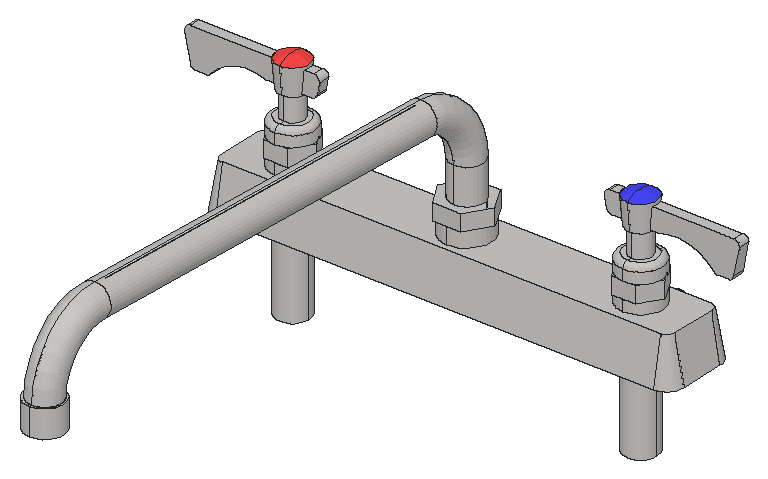
Revit family "Krowne_15-512L_DeckMount_Faucet", category Plumbing Fixtures, Revit 2018
Family settings
  Round Connector Dimension = Use Diameter
  Part Type = Normal
  OmniClass Number = 23.40.40.00
  OmniClass Title = Food Service Equipment and Furnishings
  Work Plane-Based = No
  Always vertical = Yes
  Cut with Voids When Loaded = No
  Shared = No
  Room Calculation Point = No
Parameters (values of type "DefaultType")
  Width = 12 3/4"
  Weight in Pounds = 5
  Watermarked By = ""
  Waste Water Discharge Temperature [instance] = -459.67 °F
  URL Cutsheet = ""
  URL = "https://krowne.com/"
  Status [instance] = ""
  Specification by User [instance] = ""
  Specification by Manufacturer [instance] = ""
  Serial Number [instance] = ""
  Revision Code [instance] = ""
  Plumbing Remarks [instance] = ""
  Plumbing Connection Type = ""
  NAFEM Spec ID Number [instance] = ""
  Model = "15-512L"
  Masterspec [instance] = ""
  Manufacturer = "Krowne Metal"
  KCLRef = "KCL2C9,,0004c595-0000-0000-0000-000000000307,KR,15-512L ,637110199260000000,a71a413d-7c61-4248-a7d9-b375b048191a,7ce22be4-5501-4880-8cbe-bf50f73d935a"
  KCL SpecSheet URL = "http://kclweb.kclcad.com/imagehandler.ashx?kdoc=15-5xxl&R=KR&M=15-512L%20&VC=7&TID=KCLWeb&T=doc"
  Item Number [instance] = "-"
  Installed By [instance] = ""
  Hot Water Temperature = 100 °F
  Hot Water Size = 1/2"
  Hot Water RI Height [instance] = 0"
  Hot Water Minimum Pressure = 0.00 psi
  Hot Water Maximum Pressure = 0.00 psi
  Hot Water Flow = 1.8 GPM
  Hot Water Consumption = 0 GPM
  Hot Water Connection Height = 0"
  Height = 3 3/8"
  Furnished By [instance] = ""
  Foodservice Equipment Identifier = yes
  Description = "Deck Mount Faucet"
  Depth = 1 7/8"
  Cold Water Temperature Recommended = -459.67 °F
  Cold Water Size = 1/2"
  Cold Water RI Height [instance] = 0"
  Cold Water Minimum Pressure = 0.00 psi
  Cold Water Maximum Pressure = 0.00 psi
  Cold Water Flow = 1.8 GPM
  Cold Water Consumption = ""
  Cold Water Connection Height = 0"
  CSI MasterFormat = ""
  Assembly Code = "E1090300"
Reference planes (in)
  plane 1 "BACK": y = 0
  plane 2: z = 0
  plane 3 "LEFT": x = -18.94073
  plane 4 "RIGHT": x = -6.19073
  plane 5 "FRONT": y = -1.875
  plane 6 "TOP": z = 3.375
  plane 7 "CENTER L/R": x = -12.56573
  plane 8 "Top of Body": z = 1.0625
  plane 9: y = -0.9375
  plane 10: z = 2.375
  plane 11: y = -13.0625
  plane 12: z = 4.75
Forms (in)
  Sweep 1, solid, material "QF_Stainless-Polished"
    path origin (-12.56573, 0, 0) x (0, 1, 0) y (0, 0, 1)
      loop
        line (-0.9375, 1.0625) -> (-0.9375, 2.61836)
        arc (-0.9375, 2.61836) -> (-1.32099, 3.57101) -> (-2.25754, 3.99227) r 1.375
        line (-2.25754, 3.99227) -> (-11.63254, 4.36727)
        arc (-11.63254, 4.36727) -> (-12.64014, 3.98488) -> (-13.0625, 2.99336) r 1.375
        line (-13.0625, 2.99336) -> (-13.0625, 2.375)
    profile origin (-12.56573, -0.9375, 1.84043) x (0, -1, 0) y (1, 0, 0)
      loop
        circle (0, 0) r 0.375
      loop
        circle (0, 0) r 0.25
  Extrusion 2, solid, material "QF_Stainless-Polished"
    sketch origin (0, 0, 1.0625) x (0, 1, 0) y (-1, 0, 0)
      loop
        circle (-0.9375, 12.56573) r 0.375
      loop
        circle (-0.9375, 12.56573) r 0.4375
    from 0 to 0.625
  Extrusion 3, solid, material "QF_Stainless-Polished"
    sketch origin (0, 0, 1.0625) x (0, 1, 0) y (-1, 0, 0)
      loop
        circle (-0.9375, 12.56573) r 0.5625
      loop
        circle (-0.9375, 12.56573) r 0.375
    from 0 to 0.375
  Extrusion 4, solid, material "QF_Stainless-Polished"
    sketch origin (0, 0, 1.4375) x (0, 1, 0) y (-1, 0, 0)
      loop
        line (-0.9375, 11.91391) -> (-0.37301, 12.23982) -> (-0.37301, 12.89163) -> (-0.9375, 13.21754) -> (-1.50199, 12.89163) -> (-1.50199, 12.23982) -> (-0.9375, 11.91391)
      loop
        circle (-0.9375, 12.56573) r 0.375
    from 0 to 0.375
  Extrusion 5, solid, material "QF_Stainless-Polished"
    sketch origin (-12.56573, -13.0625, 2.375) x (0, -1, 0) y (-1, 0, 0)
      loop
        circle (0, 0) r 0.375
      loop
        circle (0, 0) r 0.4375
    from 0 to -0.625
Lines and regions (in)
  symbolic lines
    curve 1: line (-12.23982, -0.37301, 0) -> (-12.89163, -0.37301, 0)
    curve 2: line (-12.89163, -0.37301, 0) -> (-13.21754, -0.9375, 0)
    curve 3: line (-13.21754, -0.9375, 0) -> (-12.94073, -1.41696, 0)
    curve 4: line (-12.19073, -1.41696, 0) -> (-11.91391, -0.9375, 0)
    curve 5: line (-11.91391, -0.9375, 0) -> (-12.23982, -0.37301, 0)
    curve 6: arc (-12.56573, -1.3125, 0) -> (-12.94073, -0.9375, 0) -> (-12.56573, -0.5625, 0) r 0.375
    curve 7: arc (-12.56573, -0.5625, 0) -> (-12.19073, -0.9375, 0) -> (-12.56573, -1.3125, 0) r 0.375
    curve 8: arc (-12.94073, -13.0625, 0) -> (-12.83089, -13.32767, 0) -> (-12.56573, -13.4375, 0) r 0.375
    curve 9: arc (-12.56573, -13.4375, 0) -> (-12.30056, -13.32767, 0) -> (-12.19073, -13.0625, 0) r 0.375
    curve 10: line (-12.94073, -13.0625, 0) -> (-12.94073, -0.9375, 0)
    curve 11: line (-12.19073, -0.9375, 0) -> (-12.19073, -13.0625, 0)
Dimensions and locks (in)
  "Width": plane 3 "LEFT" to plane 4 "RIGHT"
  "Depth": plane 5 "FRONT" to plane 1 "BACK"
  "Height": plane 6 "TOP" to plane 2
  plane 8 "Top of Body" to level = 1 1/16"
  equal spacing: plane 5 "FRONT", plane 9, plane 1 "BACK"
  equal spacing: plane 3 "LEFT", plane 7 "CENTER L/R", plane 4 "RIGHT"
  plane 10 to plane 8 "Top of Body" = 1 5/16"
  plane 11 to plane 1 "BACK" = 13 1/16"
  plane 12 to plane 8 "Top of Body" = 3 11/16"
  aligned and locked: level to plane 2
  aligned and locked: plane 9 to Sweep 1 sketch curve
  aligned and locked: Sweep 1 sketch curve to plane 11
  aligned and locked: plane 10 to Sweep 1 sketch curve
Automatic sketch dimensions
  Sweep 1 sketch curve to Sweep 1 sketch curve = 0"  (x2)
  Sweep 1 sketch curve to plane 7 "CENTER L/R" = 0"
  Sweep 1 sketch curve to profile plane = 0"
  Extrusion 2 sketch curve to Extrusion 2 sketch curve = 0"  (x2)
  Extrusion 2 sketch curve to plane 7 "CENTER L/R" = 0"
  plane 9 to Extrusion 2 sketch curve = 0"
  Extrusion 4 sketch curve to Extrusion 4 sketch curve = 0"  (x2)
  Extrusion 4 sketch curve to Extrusion 4 sketch curve = 0.56449"  (x2)
  Extrusion 4 sketch curve to Extrusion 4 sketch curve = 0.32591"  (x5)
  Extrusion 4 sketch curve to Extrusion 4 sketch curve = 0.65182"
  curve 8 to curve 9 = 0"
  plane 9 to curve 2 = 0"
  plane 11 to curve 10 = 0"
  plane 9 to curve 10 = 0"
  curve 6 to plane 7 "CENTER L/R" = 0"
  plane 9 to curve 11 = 0"
  plane 9 to curve 4 = 0"
  plane 9 to curve 6 = 0"
  curve 1 to plane 7 "CENTER L/R" = 0.32591"
  curve 10 to curve 8 = 3/8"
  curve 3 to curve 10 = 0.27682"
  plane 7 "CENTER L/R" to curve 5 = 0.32591"
  curve 11 to curve 4 = 0.27682"
  plane 1 "BACK" to curve 1 = 0.37301"
  curve 3 to curve 6 = 0.10446"
  curve 4 to curve 6 = 0.10446"
  Extrusion 3 sketch curve to Extrusion 3 sketch curve = 0"  (x2)
  Extrusion 3 sketch curve to plane 7 "CENTER L/R" = 0"
  plane 9 to Extrusion 3 sketch curve = 0"
  Sweep 1 sketch curve to plane 8 "Top of Body" = 0"
  Sweep 1 sketch curve to plane 6 "TOP" = 0.38164"
  Sweep 1 sketch curve to plane 12 = 0.38273"
  Sweep 1 sketch curve to Sweep 1 sketch curve = 0.05496"
  plane 5 "FRONT" to Sweep 1 sketch curve = 7/16"
  plane 5 "FRONT" to Sweep 1 sketch curve = 0.38254"
  plane 10 to Sweep 1 sketch curve = 0.24336"
  radius of Sweep 1 sketch curve = 3/8"
  radius of Sweep 1 sketch curve = 1/4"
  radius of Extrusion 2 sketch curve = 3/8"
  radius of Extrusion 2 sketch curve = 7/16"
  radius of Extrusion 4 sketch curve to Extrusion 3 = 0"
  radius of Extrusion 5 sketch curve to Sweep 1 = 0"
  radius of Sweep 1 to Extrusion 5 sketch curve = 1/16"
  radius of Extrusion 3 sketch curve = 9/16"
  radius of Extrusion 3 sketch curve = 3/8"
Nested families (in)
  nested 1: "QF_Krowne_15-5_Body" at (-0.1875, -0.03125, 0), type "QF_Krowne_15-5_Body"
Connectors (in)
  piping at (-16.56573, 0.21875, 0.53125), diameter 0.5, driven by "Hot Water Flow", driven by "Hot Water Size"
    settings: on nested 1, index 1, connector inside diameter 24", connector length 0", flow factor 0, pipe flow 1.8 GPM, pressure drop 0.00 psi, fitting loss kfactor 0, connector angle 0.00°, fixture units 0, engagement length 0", angle of deflection 0.00°, flow configuration 1, flow direction 1, fitting loss method 0, system type 19, joint type 0, gender type 0, connector reference index -1, connector utility 0, adjustable connector no, is connector primary yes, connector description "HOT WATER"
  piping at (-8.56573, 0.21875, 0.53125), diameter 0.5, driven by "Cold Water Flow", driven by "Cold Water Size"
    settings: on nested 1, index 2, connector inside diameter 24", connector length 0", flow factor 0, pipe flow 1.8 GPM, pressure drop 0.00 psi, fitting loss kfactor 0, connector angle 0.00°, fixture units 0, engagement length 0", angle of deflection 0.00°, flow configuration 1, flow direction 1, fitting loss method 0, system type 20, joint type 0, gender type 0, connector reference index -1, connector utility 0, adjustable connector no, is connector primary no, connector description "COLD WATER"
Definition of nested family "QF_Krowne_15-5_Body"
  Parameters (values of type "QF_Krowne_15-5_Body")
    Width = 12 3/4"
    Watermarked By = ""
    Height = 3 7/8"
    Description = ""
    Depth = 1 13/16"
  Reference planes (in)
    plane 1 "BACK": y = 0
    plane 2: z = 0
    plane 3 "LEFT": x = -18.75323
    plane 4 "RIGHT": x = -6.00323
    plane 5 "TOP": z = 3.1875
    plane 6 "Center": x = -12.37823
    plane 7 "Left of Handle": x = -16.37823
    plane 8 "Right of Handle": x = -8.37823
    plane 9 "Top of Body": z = 1.0625
    plane 10 "FRONT": y = -1.8125
    plane 11: x = -17.78448
    plane 12: x = -6.97198
    plane 13 "Faucet Handle Center": y = -0.90625
    plane 14: y = -0.78125
    plane 15: y = -1.03125
    plane 16: z = 0.53125
    plane 17: z = 3.375
  Forms (in)
    Blend 1, solid
      base sketch origin (0, 0, 0) x (1, 0, 0) y (0, 1, 0)
        loop
          line (-17.40948, -1.8125) -> (-7.34698, -1.8125)
          arc (-7.34698, -1.8125) -> (-7.08181, -1.70267) -> (-6.97198, -1.4375) r 0.375
          line (-6.97198, -1.4375) -> (-6.97198, -0.375)
          arc (-6.97198, -0.375) -> (-7.08181, -0.10983) -> (-7.34698, 0) r 0.375
          line (-7.34698, 0) -> (-17.40948, 0)
          arc (-17.40948, 0) -> (-17.67464, -0.10983) -> (-17.78448, -0.375) r 0.375
          line (-17.78448, -0.375) -> (-17.78448, -1.4375)
          arc (-17.78448, -1.4375) -> (-17.67464, -1.70267) -> (-17.40948, -1.8125) r 0.375
      top sketch origin (0, 0, 0) x (1, 0, 0) y (0, 1, 0)
        loop
          arc (-17.59698, -1.4375) -> (-17.54206, -1.57008) -> (-17.40948, -1.625) r 0.1875
          line (-17.40948, -1.625) -> (-7.34698, -1.625)
          arc (-7.34698, -1.625) -> (-7.21439, -1.57008) -> (-7.15948, -1.4375) r 0.1875
          line (-7.15948, -1.4375) -> (-7.15948, -0.375)
          arc (-7.15948, -0.375) -> (-7.21439, -0.24242) -> (-7.34698, -0.1875) r 0.1875
          line (-7.34698, -0.1875) -> (-17.40948, -0.1875)
          arc (-17.40948, -0.1875) -> (-17.54206, -0.24242) -> (-17.59698, -0.375) r 0.1875
          line (-17.59698, -0.375) -> (-17.59698, -1.4375)
      from 0 to 1.0625
    Extrusion 2, solid
      sketch origin (0, 0, 1.0625) x (0, 1, 0) y (-1, 0, 0)
        loop
          circle (-0.90625, 16.37823) r 0.5
        loop
          circle (-0.90625, 8.37823) r 0.5
      from 0 to 0.25
    Extrusion 3, solid
      sketch origin (0, 0, 1.3125) x (0, 1, 0) y (-1, 0, 0)
        loop
          line (-0.90625, 15.81573) -> (-0.41911, 16.09698) -> (-0.41911, 16.65948) -> (-0.90625, 16.94073) -> (-1.39339, 16.65948) -> (-1.39339, 16.09698) -> (-0.90625, 15.81573)
        loop
          line (-0.90625, 7.81573) -> (-0.41911, 8.09698) -> (-0.41911, 8.65948) -> (-0.90625, 8.94073) -> (-1.39339, 8.65948) -> (-1.39339, 8.09698) -> (-0.90625, 7.81573)
      from 0 to 0.375
    Revolve 4, solid
      sketch origin (-16.37823, 0, 0) x (0, 1, 0) y (0, 0, 1)
        loop
          line (-0.90625, 1.6875) -> (-0.40625, 1.6875) -> (-0.40625, 1.9375)
          arc (-0.40625, 1.9375) -> (-0.44286, 2.02589) -> (-0.53125, 2.0625) r 0.125
          line (-0.53125, 2.0625) -> (-0.90625, 2.0625) -> (-0.90625, 1.6875)
        axis (-0.90625, 1.6875) -> (-0.90625, 2.0625)
      angle from 0 to 360
    Revolve 5, solid
      sketch origin (-8.37823, 0, 0) x (0, 1, 0) y (0, 0, 1)
        loop
          line (-0.90625, 1.6875) -> (-0.40625, 1.6875) -> (-0.40625, 1.9375)
          arc (-0.40625, 1.9375) -> (-0.44286, 2.02589) -> (-0.53125, 2.0625) r 0.125
          line (-0.53125, 2.0625) -> (-0.90625, 2.0625) -> (-0.90625, 1.6875)
        axis (-0.90625, 1.6875) -> (-0.90625, 2.0625)
      angle from 0 to 360
    Revolve 6, solid
      sketch origin (-8.37823, 0, 0) x (0, 1, 0) y (0, 0, 1)
        loop
          line (-0.90625, 2.0625) -> (-0.65625, 2.0625) -> (-0.65625, 2.625) -> (-0.90625, 2.625) -> (-0.90625, 2.0625)
        axis (-0.90625, 2.0625) -> (-0.90625, 2.625)
      angle from 0 to 360
    Revolve 7, solid
      sketch origin (-16.37823, 0, 0) x (0, 1, 0) y (0, 0, 1)
        loop
          line (-0.90625, 2.0625) -> (-0.65625, 2.0625) -> (-0.65625, 2.625) -> (-0.90625, 2.625) -> (-0.90625, 2.0625)
        axis (-0.90625, 2.0625) -> (-0.90625, 2.625)
      angle from 0 to 360
    Revolve 8, solid
      sketch origin (-16.37823, 0, 0) x (0, 1, 0) y (0, 0, 1)
        loop
          line (-0.90625, 2.625) -> (-0.59375, 2.625) -> (-0.53125, 3.25) -> (-0.90625, 3.25) -> (-0.90625, 2.625)
        axis (-0.90625, 2.625) -> (-0.90625, 3.25)
      angle from 0 to 360
    Revolve 9, solid
      sketch origin (-8.37823, 0, 0) x (0, 1, 0) y (0, 0, 1)
        loop
          line (-0.90625, 2.625) -> (-0.59375, 2.625) -> (-0.53125, 3.25) -> (-0.90625, 3.25) -> (-0.90625, 2.625)
        axis (-0.90625, 2.625) -> (-0.90625, 3.25)
      angle from 0 to 360
    Revolve 10, solid
      sketch origin (-16.37823, 0, 0) x (0, 1, 0) y (0, 0, 1)
        loop
          line (-0.90625, 3.25) -> (-0.53125, 3.25)
          arc (-0.53125, 3.25) -> (-0.70704, 3.34763) -> (-0.90625, 3.375) r 0.54601
          line (-0.90625, 3.375) -> (-0.90625, 3.25)
        axis (-0.90625, 3.25) -> (-0.90625, 3.375)
      angle from 0 to 360
    Revolve 11, solid
      sketch origin (-8.37823, 0, 0) x (0, 1, 0) y (0, 0, 1)
        loop
          line (-0.90625, 3.25) -> (-0.53125, 3.25)
          arc (-0.53125, 3.25) -> (-0.70704, 3.34763) -> (-0.90625, 3.375) r 0.54601
          line (-0.90625, 3.375) -> (-0.90625, 3.25)
        axis (-0.90625, 3.25) -> (-0.90625, 3.375)
      angle from 0 to 360
    Extrusion 12, solid
      sketch origin (0, 0, 0) x (1, 0, 0) y (0, 0, 1)
        loop
          circle (-16.37823, 0.53125) r 0.25
        loop
          circle (-8.37823, 0.53125) r 0.25
      from 0.21074 to -0.25
    Extrusion 13, solid
      sketch origin (0, -0.90625, 0) x (1, 0, 0) y (0, 0, 1)
        loop
          arc (-18.62823, 3.1875) -> (-18.72489, 3.14175) -> (-18.7508, 3.03799) r 0.125
          line (-18.7508, 3.03799) -> (-18.62581, 2.41303)
          arc (-18.62581, 2.41303) -> (-18.58249, 2.34087) -> (-18.50324, 2.31254) r 0.125
          line (-18.50324, 2.31254) -> (-18.25335, 2.31254)
          arc (-18.25335, 2.31254) -> (-18.20057, 2.32423) -> (-18.15766, 2.35712) r 0.125
          arc (-18.15766, 2.35712) -> (-17.58494, 2.72229) -> (-16.90628, 2.69449) r 1.13354
          arc (-16.90628, 2.69449) -> (-16.88545, 2.68898) -> (-16.86398, 2.68712) r 0.125
          line (-16.86398, 2.68712) -> (-15.83077, 2.68712)
          arc (-15.83077, 2.68712) -> (-15.75152, 2.71545) -> (-15.7082, 2.78761) r 0.125
          line (-15.7082, 2.78761) -> (-15.65813, 3.03799)
          arc (-15.65813, 3.03799) -> (-15.68403, 3.14175) -> (-15.7807, 3.1875) r 0.125
          line (-15.7807, 3.1875) -> (-18.62823, 3.1875)
        loop
          line (-6.12823, 3.1875) -> (-8.97575, 3.1875)
          arc (-8.97575, 3.1875) -> (-9.07242, 3.14175) -> (-9.09832, 3.03799) r 0.125
          line (-9.09832, 3.03799) -> (-9.04825, 2.78761)
          arc (-9.04825, 2.78761) -> (-9.00493, 2.71545) -> (-8.92568, 2.68712) r 0.125
          line (-8.92568, 2.68712) -> (-7.89247, 2.68712)
          arc (-7.89247, 2.68712) -> (-7.871, 2.68898) -> (-7.85017, 2.69449) r 0.125
          arc (-7.85017, 2.69449) -> (-7.17151, 2.72229) -> (-6.59879, 2.35712) r 1.13354
          arc (-6.59879, 2.35712) -> (-6.55588, 2.32423) -> (-6.5031, 2.31254) r 0.125
          line (-6.5031, 2.31254) -> (-6.25321, 2.31254)
          arc (-6.25321, 2.31254) -> (-6.17396, 2.34087) -> (-6.13064, 2.41303) r 0.125
          line (-6.13064, 2.41303) -> (-6.00565, 3.03799)
          arc (-6.00565, 3.03799) -> (-6.03156, 3.14175) -> (-6.12823, 3.1875) r 0.125
      from -0.125 to 0.125
    Extrusion 14, solid
      sketch origin (0, 0, 0) x (1, 0, 0) y (0, 1, 0)
        loop
          circle (-16.37823, -0.90625) r 0.375
      from 0 to -2
    Extrusion 15, solid
      sketch origin (0, 0, 0) x (1, 0, 0) y (0, 1, 0)
        loop
          circle (-8.37823, -0.90625) r 0.375
      from 0 to -2
  Lines and regions (in)
    symbolic lines
      curve 1: line (-18.75323, -0.78125, 1.0625) -> (-15.6557, -0.78125, 1.0625)
      curve 2: line (-18.75323, -1.03125, 1.0625) -> (-18.75323, -0.78125, 1.0625)
      curve 3: line (-15.6557, -1.03125, 1.0625) -> (-18.75323, -1.03125, 1.0625)
      curve 4: line (-15.6557, -0.78125, 1.0625) -> (-15.6557, -1.03125, 1.0625)
      curve 5: line (-6.00323, -0.78125, 1.0625) -> (-9.10075, -0.78125, 1.0625)
      curve 6: line (-6.00323, -1.03125, 1.0625) -> (-6.00323, -0.78125, 1.0625)
      curve 7: line (-9.10075, -1.03125, 1.0625) -> (-6.00323, -1.03125, 1.0625)
      curve 8: line (-9.10075, -0.78125, 1.0625) -> (-9.10075, -1.03125, 1.0625)
      curve 9: line (-7.34698, 0, 1.0625) -> (-17.40948, 0, 1.0625)
      curve 10: line (-6.97198, -1.4375, 1.0625) -> (-6.97198, -1.03125, 1.0625)
      curve 11: line (-17.40948, -1.8125, 1.0625) -> (-7.34698, -1.8125, 1.0625)
      curve 12: line (-17.78448, -0.375, 1.0625) -> (-17.78448, -0.78125, 1.0625)
      curve 13: line (-17.78448, -1.03125, 1.0625) -> (-17.78448, -1.4375, 1.0625)
      curve 14: line (-6.97198, -0.78125, 1.0625) -> (-6.97198, -0.375, 1.0625)
      curve 15: line (-16.65948, -0.41911, 1.0625) -> (-16.86856, -0.78125, 1.0625)
      curve 16: line (-16.65948, -0.41911, 1.0625) -> (-16.09698, -0.41911, 1.0625)
      curve 17: line (-16.09698, -0.41911, 1.0625) -> (-15.88789, -0.78125, 1.0625)
      curve 18: line (-16.09698, -1.39339, 1.0625) -> (-16.65948, -1.39339, 1.0625)
      curve 19: line (-16.65948, -1.39339, 1.0625) -> (-16.86856, -1.03125, 1.0625)
      curve 20: line (-16.09698, -1.39339, 1.0625) -> (-15.88789, -1.03125, 1.0625)
      curve 21: line (-8.65948, -0.41911, 1.0625) -> (-8.09698, -0.41911, 1.0625)
      curve 22: line (-8.09698, -0.41911, 1.0625) -> (-7.88789, -0.78125, 1.0625)
      curve 23: line (-8.65948, -0.41911, 1.0625) -> (-8.86856, -0.78125, 1.0625)
      curve 24: line (-8.09698, -1.39339, 1.0625) -> (-8.65948, -1.39339, 1.0625)
      curve 25: line (-8.65948, -1.39339, 1.0625) -> (-8.86856, -1.03125, 1.0625)
      curve 26: line (-8.09698, -1.39339, 1.0625) -> (-7.88789, -1.03125, 1.0625)
      curve 27: arc (-17.78448, -0.375, 1.0625) -> (-17.67464, -0.10983, 1.0625) -> (-17.40948, 0, 1.0625) r 0.375
      curve 28: arc (-6.97198, -0.375, 1.0625) -> (-7.08181, -0.10983, 1.0625) -> (-7.34698, 0, 1.0625) r 0.375
      curve 29: arc (-6.97198, -1.4375, 1.0625) -> (-7.08181, -1.70267, 1.0625) -> (-7.34698, -1.8125, 1.0625) r 0.375
      curve 30: arc (-17.40948, -1.8125, 1.0625) -> (-17.67464, -1.70267, 1.0625) -> (-17.78448, -1.4375, 1.0625) r 0.375
      curve 31: line (-7.34698, -0.1875, 1.0625) -> (-17.40948, -0.1875, 1.0625)
      curve 32: arc (-17.40948, -0.1875, 1.0625) -> (-17.54206, -0.24242, 1.0625) -> (-17.59698, -0.375, 1.0625) r 0.1875
      curve 33: arc (-17.59698, -1.4375, 1.0625) -> (-17.54206, -1.57008, 1.0625) -> (-17.40948, -1.625, 1.0625) r 0.1875
      curve 34: line (-17.40948, -1.625, 1.0625) -> (-7.34698, -1.625, 1.0625)
      curve 35: arc (-7.34698, -1.625, 1.0625) -> (-7.21439, -1.57008, 1.0625) -> (-7.15948, -1.4375, 1.0625) r 0.1875
      curve 36: arc (-7.15948, -0.375, 1.0625) -> (-7.21439, -0.24242, 1.0625) -> (-7.34698, -0.1875, 1.0625) r 0.1875
      curve 37: line (-7.15948, -0.375, 1.0625) -> (-7.15948, -0.78125, 1.0625)
      curve 38: line (-7.15948, -1.4375, 1.0625) -> (-7.15948, -1.03125, 1.0625)
      curve 39: line (-17.59698, -1.4375, 1.0625) -> (-17.59698, -1.03125, 1.0625)
      curve 40: line (-17.59698, -0.375, 1.0625) -> (-17.59698, -0.78125, 1.0625)
  Dimensions and locks (in)
    "Width": plane 3 "LEFT" to plane 4 "RIGHT"
    plane 9 "Top of Body" to level = 1 1/16"
    equal spacing: plane 10 "FRONT", plane 13 "Faucet Handle Center", plane 1 "BACK"
    equal spacing: plane 15, plane 13 "Faucet Handle Center", plane 14
    locked: plane 15 to plane 14 at 0.25
    equal spacing: plane 9 "Top of Body", plane 16, level
    "Depth": plane 10 "FRONT" to plane 1 "BACK"
    plane 5 "TOP" to level = 3 3/16"
    plane 17 to level = 3 3/8"
    plane 7 "Left of Handle" to plane 8 "Right of Handle" = 8"
    equal spacing: plane 7 "Left of Handle", plane 6 "Center", plane 8 "Right of Handle"
    locked: plane 3 "LEFT" to plane 11 at 0.96875
    locked: plane 12 to plane 4 "RIGHT" at 0.96875
    aligned and locked: level to plane 2
    aligned and locked: plane 9 "Top of Body" to Blend 1
    aligned and locked: Extrusion 3 to Revolve 5 sketch curve
    aligned and locked: Revolve 8 sketch curve to Revolve 8 sketch curve
    aligned and locked: Revolve 9 sketch curve to Revolve 9 sketch curve
    aligned and locked: plane 4 "RIGHT" to curve 6
    aligned and locked: curve 12 to plane 11
    aligned and locked: plane 10 "FRONT" to Blend 1 sketch curve
    aligned and locked: Blend 1 sketch curve to plane 11
    aligned and locked: plane 10 "FRONT" to curve 11
    aligned and locked: plane 13 "Faucet Handle Center" to Revolve 5 sketch curve
    aligned and locked: Extrusion 13 to plane 14
    aligned and locked: plane 15 to Extrusion 13
  Automatic sketch dimensions
    Extrusion 2 sketch curve to plane 8 "Right of Handle" = 0"
    plane 13 "Faucet Handle Center" to Extrusion 2 sketch curve = 0"  (x2)
    Extrusion 2 sketch curve to plane 7 "Left of Handle" = 0"
    Revolve 4 sketch curve to plane 13 "Faucet Handle Center" = 0"  (x2)
    Revolve 4 sketch curve to Revolve 4 sketch curve = 3/8"
    Revolve 4 sketch curve to Revolve 4 sketch curve = 1/8"
    plane 9 "Top of Body" to Revolve 4 sketch curve = 5/8"
    Revolve 4 sketch curve to Revolve 4 sketch curve = 1/4"
    Revolve 4 sketch curve to Revolve 4 sketch curve = 0"  (x2)
    Revolve 5 sketch curve to plane 13 "Faucet Handle Center" = 0"
    Revolve 5 sketch curve to Revolve 5 sketch curve = 3/8"
    Revolve 5 sketch curve to Revolve 5 sketch curve = 1/8"
    Revolve 5 sketch curve to Revolve 5 sketch curve = 0"  (x2)
    Revolve 5 sketch curve to Revolve 5 sketch curve = 1/4"
    Revolve 6 sketch curve to plane 13 "Faucet Handle Center" = 0"  (x2)
    Revolve 6 sketch curve to plane 13 "Faucet Handle Center" = 1/4"
    plane 9 "Top of Body" to Revolve 6 sketch curve = 1"
    Revolve 6 sketch curve to Revolve 6 sketch curve = 9/16"
    Revolve 6 sketch curve to Revolve 6 sketch curve = 3/8"
    Revolve 6 sketch curve to Revolve 6 sketch curve = 0"
    Revolve 7 sketch curve to plane 13 "Faucet Handle Center" = 0"  (x2)
    Revolve 7 sketch curve to Revolve 7 sketch curve = 1/4"
    plane 9 "Top of Body" to Revolve 7 sketch curve = 1"
    Revolve 7 sketch curve to Revolve 7 sketch curve = 9/16"
    Revolve 7 sketch curve to Revolve 7 sketch curve = 3/8"
    Revolve 7 sketch curve to Revolve 7 sketch curve = 0"
    Revolve 8 sketch curve to plane 13 "Faucet Handle Center" = 0"
    Revolve 8 sketch curve to Revolve 8 sketch curve = 5/16"
    plane 5 "TOP" to Revolve 8 sketch curve = 1/16"
    Revolve 8 sketch curve to Revolve 8 sketch curve = 3/8"
    Revolve 8 sketch curve to plane 5 "TOP" = 9/16"
    Revolve 8 sketch curve to Revolve 8 sketch curve = 0"  (x2)
    Revolve 9 sketch curve to plane 13 "Faucet Handle Center" = 0"
    Revolve 9 sketch curve to plane 13 "Faucet Handle Center" = 5/16"
    plane 5 "TOP" to Revolve 9 sketch curve = 1/16"
    Revolve 9 sketch curve to plane 13 "Faucet Handle Center" = 3/8"
    Revolve 9 sketch curve to plane 5 "TOP" = 9/16"
    Revolve 9 sketch curve to Revolve 9 sketch curve = 0"  (x2)
    Revolve 10 sketch curve to plane 13 "Faucet Handle Center" = 0"  (x2)
    Revolve 10 sketch curve to plane 13 "Faucet Handle Center" = 0.02655"
    plane 5 "TOP" to Revolve 10 sketch curve = 1/16"
    Revolve 10 sketch curve to Revolve 10 sketch curve = 3/8"
    Revolve 10 sketch curve to plane 5 "TOP" = 0.35786"
    Revolve 10 sketch curve to Revolve 10 sketch curve = 0"  (x2)
    Revolve 11 sketch curve to plane 13 "Faucet Handle Center" = 0"  (x2)
    Revolve 11 sketch curve to plane 13 "Faucet Handle Center" = 0.02655"
    plane 5 "TOP" to Revolve 11 sketch curve = 1/16"
    Revolve 11 sketch curve to Revolve 11 sketch curve = 3/8"
    Revolve 11 sketch curve to plane 5 "TOP" = 0.35786"
    Revolve 11 sketch curve to Revolve 11 sketch curve = 0"  (x2)
    Extrusion 12 sketch curve to plane 7 "Left of Handle" = 0"
    Extrusion 12 sketch curve to plane 8 "Right of Handle" = 0"
    Extrusion 12 sketch curve to plane 16 = 0"  (x2)
    plane 11 to Blend 1 sketch curve = 3/8"
    Blend 1 sketch curve to Blend 1 sketch curve = 3/8"
    plane 1 "BACK" to Blend 1 sketch curve = 3/8"  (x2)
    Blend 1 sketch curve to plane 12 = 3/8"
    Blend 1 sketch curve to plane 12 = 3/16"
    Blend 1 sketch curve to Blend 1 sketch curve = 3/16"  (x4)
    plane 11 to Blend 1 sketch curve = 3/16"
    Blend 1 sketch curve to plane 10 "FRONT" = 3/8"
    plane 1 "BACK" to Blend 1 sketch curve = 0"
    Blend 1 sketch curve to plane 12 = 0"
    curve 27 to curve 32 = 0"  (x2)
    curve 28 to curve 36 = 0"  (x2)
    curve 29 to curve 35 = 0"  (x2)
    curve 30 to curve 33 = 0"  (x2)
    curve 30 to plane 11 = 0"
    curve 29 to plane 12 = 0"
    plane 15 to curve 4 = 0"
    plane 15 to curve 26 = 0"
    plane 14 to curve 40 = 0"
    plane 14 to curve 23 = 0"
    curve 14 to plane 12 = 0"
    plane 1 "BACK" to curve 9 = 0"
    curve 34 to plane 10 "FRONT" = 3/16"
    curve 33 to curve 33 = 3/16"
    curve 34 to curve 35 = 3/16"
    plane 15 to curve 26 = 0.36214"
    plane 15 to curve 20 = 0.36214"
    curve 17 to plane 14 = 0.36214"
    curve 23 to plane 14 = 0.36214"
    curve 27 to curve 27 = 3/8"
    plane 1 "BACK" to curve 14 = 3/8"
    curve 31 to curve 28 = 3/16"
    plane 8 "Right of Handle" to curve 22 = 9/32"
    plane 8 "Right of Handle" to curve 24 = 9/32"
    curve 24 to plane 8 "Right of Handle" = 9/32"
    curve 21 to plane 8 "Right of Handle" = 9/32"
    curve 21 to curve 8 = 0.44128"
    plane 7 "Left of Handle" to curve 4 = 0.72253"
    plane 7 "Left of Handle" to curve 20 = 9/32"
    plane 7 "Left of Handle" to curve 17 = 9/32"
    curve 19 to plane 7 "Left of Handle" = 9/32"
    curve 16 to plane 7 "Left of Handle" = 9/32"
    curve 2 to plane 3 "LEFT" = 0"
    curve 22 to curve 21 = 0.20908"
    curve 26 to curve 22 = 0"
    curve 23 to curve 5 = 0.2322"
    curve 25 to curve 7 = 0.2322"
    curve 3 to curve 20 = 0.2322"
    curve 1 to curve 17 = 0.2322"
    curve 18 to curve 19 = 0.20908"
    curve 15 to curve 19 = 0"
    Extrusion 3 sketch curve to Extrusion 3 sketch curve = 0"
    Extrusion 3 sketch curve to Extrusion 3 sketch curve = 0.48714"  (x6)
    Extrusion 3 sketch curve to Extrusion 3 sketch curve = 9/32"  (x6)
    Extrusion 3 sketch curve to Extrusion 3 sketch curve = 9/16"  (x4)
    Extrusion 3 sketch curve to Extrusion 3 sketch curve = 6 7/8"
    Extrusion 13 sketch curve to plane 5 "TOP" = 0"  (x2)
    Extrusion 13 sketch curve to plane 7 "Left of Handle" = 2.37257"
    Extrusion 13 sketch curve to plane 7 "Left of Handle" = 2 1/4"
    Extrusion 13 sketch curve to plane 7 "Left of Handle" = 2.24759"
    Extrusion 13 sketch curve to plane 7 "Left of Handle" = 2 1/8"
    Extrusion 13 sketch curve to Extrusion 13 sketch curve = 0.24989"
    plane 9 "Top of Body" to Extrusion 13 sketch curve = 0.56533"  (x2)
    Extrusion 13 sketch curve to Extrusion 13 sketch curve = 0.96348"
    Extrusion 13 sketch curve to plane 5 "TOP" = 0.50038"  (x2)
    Extrusion 13 sketch curve to Extrusion 13 sketch curve = 0.42589"  (x2)
    Extrusion 13 sketch curve to Extrusion 13 sketch curve = 1.03321"  (x2)
    Extrusion 13 sketch curve to plane 5 "TOP" = 1/8"  (x2)
    Extrusion 13 sketch curve to Extrusion 13 sketch curve = 0.05007"  (x2)
    Extrusion 13 sketch curve to plane 5 "TOP" = 0.39989"  (x2)
    Extrusion 13 sketch curve to Extrusion 13 sketch curve = 0.12257"  (x3)
    Extrusion 13 sketch curve to plane 5 "TOP" = 0.14951"  (x4)
    plane 6 "Center" to Extrusion 13 sketch curve = 3.2799"
    plane 8 "Right of Handle" to Extrusion 13 sketch curve = 1.87513"
    plane 8 "Right of Handle" to Extrusion 13 sketch curve = 2 1/8"
    plane 8 "Right of Handle" to Extrusion 13 sketch curve = 2.24759"
    plane 8 "Right of Handle" to Extrusion 13 sketch curve = 2 1/4"
    Extrusion 13 sketch curve to plane 5 "TOP" = 0.87496"
    Extrusion 13 sketch curve to Extrusion 13 sketch curve = 0.74996"
    Extrusion 13 sketch curve to Extrusion 13 sketch curve = 0.10049"  (x2)
    Extrusion 13 sketch curve to Extrusion 13 sketch curve = 1/8"  (x4)
    Extrusion 13 sketch curve to Extrusion 13 sketch curve = 0"  (x2)
    Extrusion 14 sketch curve to plane 7 "Left of Handle" = 0"
    plane 13 "Faucet Handle Center" to Extrusion 14 sketch curve = 0"
    Extrusion 15 sketch curve to plane 8 "Right of Handle" = 0"
    plane 13 "Faucet Handle Center" to Extrusion 15 sketch curve = 0"
    radius of Extrusion 2 sketch curve = 1/2"  (x2)
    radius of Extrusion 12 sketch curve = 1/4"  (x2)
    radius of Extrusion 14 sketch curve = 3/8"
    radius of Extrusion 15 sketch curve = 3/8"
